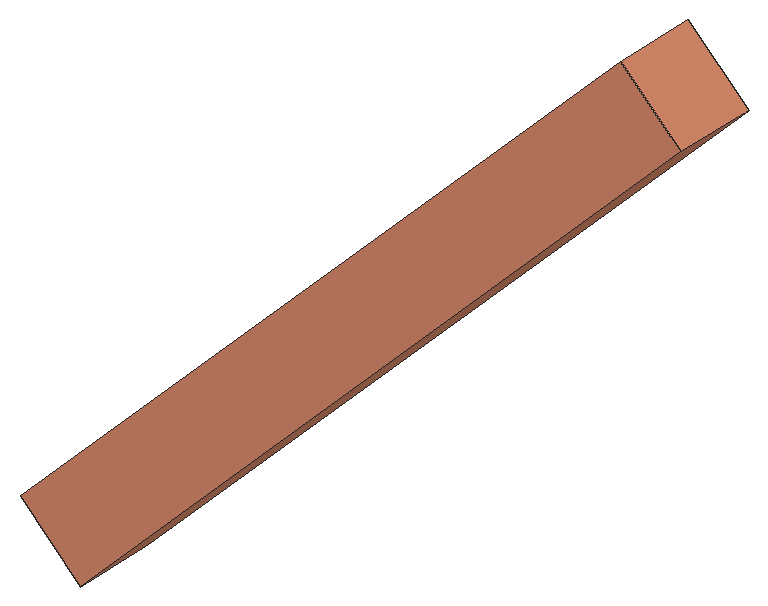
Revit family "盤サポート_等辺山形鋼", category Generic Models, Revit 2023
Family settings
  Can host rebar = No
  Round Connector Dimension = Use Diameter
  Part Type = Normal
  Work Plane-Based = Yes
  Always vertical = No
  Cut with Voids When Loaded = No
  Maintain Annotation Orientation = No
  Shared = No
  Room Calculation Point = No
Parameters (values of type "L 100 x 100")
  高さ = 100 mm
  長辺 [instance] = 長さ  # 1000 mm
  長さ [instance] = 1000 mm
  部屋名 = ""
  角度 [instance] = 45.00°
  Default Elevation = 1219.2 mm
  構造マテリアル = E403_盤サポート
  幅 = 100 mm
Types (18, lengths in mm): name | 高さ | 幅
  L 120 x 120 | 120 | 120
  L 130 x 130 | 130 | 130
  L 150 x 150 | 150 | 150
  L 175 x 175 | 175 | 175
  L 200 x 200 | 200 | 200
  L 25 x 25 | 25 | 25
  L 250 x 250 | 250 | 250
  L 30 x 30 | 30 | 30
  L 45 x 45 | 45 | 45
  L 50 x 50 | 50 | 50
  L 60 x 60 | 60 | 60
  L 65 x 65 | 65 | 65
  L 70 x 70 | 70 | 70
  L 75 x 75 | 75 | 75
  L 80 x 80 | 80 | 80
  L 90 x 90 | 90 | 90
  L 100 x 100 | 100 | 100
  L 40 x 40 | 40 | 40
Reference planes
  plane 1 "中心(正面/背面)": y = 0
  plane 2: z = 0
  plane 3 "中心(左/右)": x = 0
Lines and regions (mm)
  reference lines
    curve 1: line (0, 0, 0) -> (848.528, 0, 848.528)
    curve 2: line (35.355, 0, -35.355) -> (-35.355, 0, 35.355)
    curve 3: line (742.462, 0, 671.751) -> (671.751, 0, 742.462)
Dimensions and locks
  equal spacing: curve 2, curve 1, curve 2
  "高さ": curve 2 to curve 2
  equal spacing: curve 3, curve 1, curve 3
  "高さ": curve 3 to curve 3
  "長さ": curve 2 to curve 3
  "角度": angle level to curve 1
  angle curve 2 to curve 1 = 90.00°
  angle curve 3 to curve 1 = 90.00°
  aligned and locked: level to plane 2
  aligned and locked: level to curve 1
  aligned and locked: plane 3 "中心(左/右)" to curve 1
  aligned and locked: nested 1 to curve 1
Nested families
  nested 1: "グレーチング_等辺山形鋼" at (-35.355, 0, 35.355) x (0, 1, 0) z (0.7071, 0, -0.7071), 長さ <- "長さ", type "L 25 x 25"
    with 長辺 1000 mm, 長さ 1000 mm, 高さ 100 mm, 幅 100 mm
Definition of nested family "グレーチング_等辺山形鋼"
  Parameters (values of type "L 25 x 25")
    高さ = 25 mm
    長辺 [instance] = 長さ  # 1000 mm
    長さ [instance] = 1000 mm
    部屋名 = ""
    Default Elevation = 1219.2 mm
    構造マテリアル = none
    幅 = 25 mm
  Reference planes
    plane 1 "中心(正面/背面)": y = 0
    plane 2: z = 0
    plane 3 "中心(左/右)": x = 0
    plane 4: z = 12.5
    plane 5: z = 25
  Forms (mm)
    Extrusion 1, solid, material <- "構造マテリアル"
      sketch origin (0, 0, 0) x (1, 0, 0) y (0, 1, 0)
        loop
          line (-12.5, 1000) -> (-12.5, 0) -> (12.5, 0) -> (12.5, 1000) -> (-12.5, 1000)
      from 0 to 25
  Lines and regions (mm)
    reference lines
      curve 1: line (12.5, 1000, 0) -> (-12.5, 1000, 0)
      curve 2: line (12.5, 0, 0) -> (-12.5, 0, 0)
  Dimensions and locks
    "長さ": curve 1 to curve 2
    "幅": Extrusion 1 to Extrusion 1
    equal spacing: Extrusion 1, plane 3 "中心(左/右)", Extrusion 1
    "幅": curve 1 to curve 1
    equal spacing: curve 1, plane 3 "中心(左/右)", curve 1
    "幅": curve 2 to curve 2
    equal spacing: curve 2, plane 3 "中心(左/右)", curve 2
    equal spacing: plane 5, plane 4, level
    "高さ": plane 5 to level
    aligned and locked: level to plane 2
    aligned and locked: Extrusion 1 to curve 2
    aligned and locked: curve 1 to Extrusion 1
    aligned and locked: plane 5 to Extrusion 1
  Automatic sketch dimensions
    Extrusion 1 sketch curve to plane 3 "中心(左/右)" = 12.5 mm
    plane 3 "中心(左/右)" to Extrusion 1 sketch curve = 12.5 mm
    plane 1 "中心(正面/背面)" to Extrusion 1 sketch curve = 0 mm
    Extrusion 1 sketch curve to plane 1 "中心(正面/背面)" = 1000 mm
    plane 1 "中心(正面/背面)" to curve 2 = 0 mm
